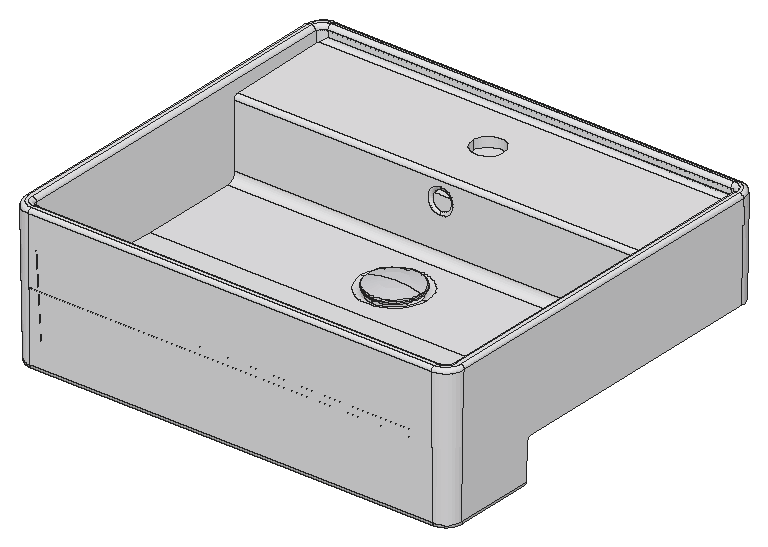
Revit family "Sink-SEMI_RECESSED-KOHLER-DELTA-K-20338T", category Plumbing Fixtures, host Face, Revit 2017
Family settings
  Host = Face
  Round Connector Dimension = Use Diameter
  Part Type = Normal
  OmniClass Number = 23.31.13.00
  OmniClass Title = Sinks
  Cut with Voids When Loaded = No
  Shared = No
  Room Calculation Point = No
Parameters (values of type "Single Faucet Hole, 0-White")
  Width = 19.29134"  # constant formula
  WaterSense Certified = 1 = 0  # no
  Waste Water Outlet = "Waste Water Outlet"  # constant formula
  Waste Connection = 1 = 1  # yes
  Vent Connection = 1 = 0  # no
  URL = "https://www.kohler.com.cn/"
  Type = 1
  Single Faucet Hole Spacing = (Type = 1)  # yes
  Product Page URL = "https://www.kohler.com.cn/product/K-20338T-1-0/K-20338T-1-0/"
  Product Name = "DELTA"  # constant formula
  Product Documentation Link = "https://files.kohler.com.cn/pdfs/1572602610075_K-20338T安装说明书-新版.pdf"
  Model = if(Type = 1, "K-20338T-1-0", if(Type = 2, "K-20338T-8-0", "NA"))  # "K-20338T-1-0"
  Material = "Vitreous_China"  # constant formula
  Master Format 2014 Name = "Residential Lavatories and Sinks"  # constant formula
  Master Format 2014 = "22 41 16"  # constant formula
  Manufacturer Address = "Kohler Beijing Office (100016) 36-2-03-B, No. 88, Liuxiang Road, Beijing"  # constant formula
  Manufacturer = "KOHLER Co."  # constant formula
  Length = 16.92913"  # constant formula
  Hot Water Inlet = "Hot Water Inlet"  # constant formula
  Height = 6.29921"  # constant formula
  HW Connection = 1 = 0  # no
  Finish = Kohler-Vitreous_China-0-White
  Faucet Hole Spacing = if(Type = 1, 0", 8")  # 0"
  Environmental Product Declaration = ""
  Drain Included = 1 = 0  # no
  Description = "Semi-recessed basin"  # constant formula
  Default Elevation = 36"
  Declare Label = ""
  Date Modified = "04/29/2021"  # constant formula
  Date Created = "04/29/2021"  # constant formula
  Copyright = "Copyright KOHLER Co."  # constant formula
  Contact Us = "http://www.kohler.com.cn/contact/contact-us/"
  Cold Water Inlet = "Cold Water Inlet"  # constant formula
  CW Connection = 1 = 0  # no
  Assembly Code = "D2010400"
  ADA Compliant = 1 = 0  # no
  8 Inch Faucet Hole Spacing = (Type = 2)  # no
Types (3): name | Type | Single Faucet Hole Spacing | Product Page URL | Model | Faucet Hole Spacing | 8 Inch Faucet Hole Spacing
  (no name) | 1 | yes | "https://www.kohler.com.cn/product/K-20338T-1-0/K-20338T-1-0/" | "K-20338T-1-0" | 0" | no
  Single Faucet Hole, 0-White | 1 | yes | "https://www.kohler.com.cn/product/K-20338T-1-0/K-20338T-1-0/" | "K-20338T-1-0" | 0" | no
  8 Inch Faucet Holes, 0-White | 2 | no | "https://www.kohler.com.cn/product/K-20338T-8-0/K-20338T-8-0/" | "K-20338T-8-0" | 8" | yes
Reference planes (in)
  plane 1 "Center (Front/Back)": y = 0
  plane 2: z = 0
  plane 3 "Center (Left/Right)": x = 0
  plane 4: z = -1.92913
  plane 5: y = 8.46457
  plane 6: y = -8.46457
  plane 7: z = 4.37008
  plane 8: z = -1.65354
  plane 9: y = 0.55118
  plane 10: y = -4.13386
  plane 11: y = 5.70866
  plane 12: y = 3.14961
  plane 13: x = 0
  plane 14: x = 0
  plane 15: x = -9.64567
  plane 16: x = 9.64567
Forms (in)
  Extrusion 1, void
    sketch origin (0, 0, 0) x (1, 0, 0) y (0, 1, 0)
      loop
        line (-7.87402, -2.48031) -> (7.87402, -2.48031) -> (7.87402, 7.67717) -> (-7.87402, 7.67717) -> (-7.87402, -2.48031)
    from -1.92913 to 0
Dimensions and locks (in)
  equal spacing: plane 13, plane 3 "Center (Left/Right)", plane 14
  "Faucet Hole Spacing": plane 13 to plane 14
  "Width": plane 15 to plane 16
  "Length": plane 6 to plane 5
  plane 11 to plane 5 = 2.75591"
  plane 9 to plane 5 = 7.91339"
  host face to plane 7 = 4.37008"
  "Height": plane 4 to plane 7
  plane 8 to plane 7 = 6.02362"
  plane 5 to plane 10 = 12.59843"
  plane 7 to plane 4 = 6.29921"
  plane 15 to plane 16 = 19.29134"
  aligned and locked: plane 2 to host face
  aligned and locked: level to host face
Automatic sketch dimensions
  host sketch curve to host sketch curve = 96"
  host sketch curve to host sketch curve = 52.13386"
  Extrusion 1 sketch curve to plane 15 = 1.77165"
  plane 5 to Extrusion 1 sketch curve = 0.7874"
  Extrusion 1 sketch curve to plane 16 = 1.77165"
  plane 10 to Extrusion 1 sketch curve = 1.65354"
Nested families (in)
  nested 1: "K-20338T" at (0, 0, 0), type "K-20338T"
Connectors (in)
  piping at (0, 0.55118, -1.65354), diameter 1.25, driven by "Waste Connection", driven by "Waste Water Outlet"
    settings: on nested 1, index 1, connector inside diameter 24", connector length 0", flow factor 0, pipe flow 0 GPM, pressure drop 0.00 psi, fitting loss kfactor 0, connector angle 0.00°, fixture units 0, engagement length 0", angle of deflection 0.00°, flow configuration 0, flow direction 2, fitting loss method 0, system type 16, joint type 0, gender type 0, connector reference index -1, connector utility 1, adjustable connector no, is connector primary yes, connector description "Waste Water Outlet"
Definition of nested family "K-20338T"
  Parameters (values of type "K-20338T")
    _8 = yes
    _1 = no
    Material = none
    Faucet Hole Spacing = if(_1, 27.55906", 8.0315")  # 8.0315"
  Reference planes (in)
    plane 1 "Center (Front/Back)": y = 0
    plane 2: z = 0
    plane 3 "Center (Left/Right)": x = 0
    plane 4: x = -9.64567
    plane 5: y = 8.46457
    plane 6: x = 9.64567
    plane 7: y = -8.46457
    plane 8: y = 3.14961
    plane 9: y = 0.55118
    plane 10: y = 5.70866
    plane 11: x = -9.05512
    plane 12: x = 9.05512
    plane 13: z = 4.37008
    plane 14: z = -1.65354
    plane 15: z = -1.92913
    plane 16: y = -4.13386
    plane 17: x = -4.01575
    plane 18: x = 4.01575
    plane 19: x = -4.01575
    plane 20: x = 4.01575
  Forms (in)
    Sweep 1, solid, material <- "Material", detail levels medium+fine
      path origin (0, 0, 0) x (1, 0, 0) y (0, 1, 0)
        loop
          arc (-8.85827, 8.46457) -> (-9.41504, 8.23394) -> (-9.64567, 7.67717) r 0.7874
          line (-9.64567, 7.67717) -> (-9.64567, -7.67717)
          arc (-9.64567, -7.67717) -> (-9.41504, -8.23394) -> (-8.85827, -8.46457) r 0.7874
          line (-8.85827, -8.46457) -> (8.85827, -8.46457)
          arc (8.85827, -8.46457) -> (9.41504, -8.23394) -> (9.64567, -7.67717) r 0.7874
          line (9.64567, -7.67717) -> (9.64567, 7.67717)
          arc (9.64567, 7.67717) -> (9.41504, 8.23394) -> (8.85827, 8.46457) r 0.7874
          line (8.85827, 8.46457) -> (-8.85827, 8.46457)
      profile origin (-9.64567, 0, 0) x (-1, 0, 0) y (0, 0, 1)
        loop
          line (-0.16511, 4.37008) -> (-0.29916, 4.37008)
          arc (-0.29916, 4.37008) -> (-0.42408, 4.31992) -> (-0.47964, 4.19731) r 0.18065
          line (-0.47964, 4.19731) -> (-0.73002, -1.53742)
          arc (-0.73002, -1.53742) -> (-0.62617, -1.81335) -> (-0.35504, -1.92913) r 0.37534
          line (-0.35504, -1.92913) -> (-0.21245, -1.92913)
          arc (-0.21245, -1.92913) -> (-0.11599, -1.88953) -> (-0.07521, -1.79356) r 0.13725
          line (-0.07521, -1.79356) -> (-0.00192, 4.20489)
          arc (-0.00192, 4.20489) -> (-0.04901, 4.32157) -> (-0.16511, 4.37008) r 0.1632
    Extrusion 2, void
      sketch origin (0, 0, 0) x (0, 1, 0) y (0, 0, 1)
        loop
          arc (-3.94041, 0) -> (-4.07839, -0.05645) -> (-4.13723, -0.19341) r 0.19685
          line (-4.13723, -0.19341) -> (-4.16415, -1.73547)
          arc (-4.16415, -1.73547) -> (-4.22307, -1.87262) -> (-4.36122, -1.92913) r 0.1971
          line (-4.36122, -1.92913) -> (-5.07304, -1.92913) -> (-5.07304, -2.51969) -> (9.29704, -2.51969) -> (9.29704, 0.82677) -> (8.46457, 0.82677) -> (8.46457, 0.12314)
          arc (8.46457, 0.12314) -> (8.4285, 0.03607) -> (8.34143, 0) r 0.12314
          line (8.34143, 0) -> (-3.94041, 0)
      from -13.00293 to 11.3424
    Extrusion 3, solid, material <- "Material", detail levels medium+fine
      sketch origin (0, 0, 0) x (0, 1, 0) y (0, 0, 1)
        loop
          line (7.78119, 3.76842) -> (3.33108, 3.69074)
          arc (3.33108, 3.69074) -> (3.19716, 3.63493) -> (3.13786, 3.50251) r 0.19685
          line (3.13786, 3.50251) -> (3.02042, 0.8129)
          arc (3.02042, 0.8129) -> (2.89935, 0.54568) -> (2.6271, 0.43637) r 0.3937
          line (2.6271, 0.43637) -> (-1.65905, 0.43637)
          arc (-1.65905, 0.43637) -> (-2.43501, 0.4521) -> (-3.20971, 0.49925) r 19.15193
          arc (-3.20971, 0.49925) -> (-5.27836, 0.68503) -> (-7.34355, 0.90601) r 121.99702
          arc (-7.34355, 0.90601) -> (-7.70796, 1.09025) -> (-7.86571, 1.46689) r 0.59055
          line (-7.86571, 1.46689) -> (-7.98555, 4.21159) -> (-8.08398, 4.21159) -> (-8.08398, 1.56492)
          arc (-8.08398, 1.56492) -> (-7.80752, 0.84031) -> (-7.11866, 0.48399) r 1.08786
          arc (-7.11866, 0.48399) -> (-5.18162, 0.27999) -> (-3.24159, 0.10684) r 122.39072
          arc (-3.24159, 0.10684) -> (-2.8506, 0.07903) -> (-2.45913, 0.05906) r 19.54563
          line (-2.45913, 0.05906) -> (2.79888, 0.05906)
          arc (2.79888, 0.05906) -> (3.24797, 0.23936) -> (3.4477, 0.68017) r 0.64944
          line (3.4477, 0.68017) -> (3.55255, 3.08173)
          arc (3.55255, 3.08173) -> (3.61186, 3.21414) -> (3.74578, 3.26996) r 0.19685
          line (3.74578, 3.26996) -> (7.12222, 3.3289)
          arc (7.12222, 3.3289) -> (7.3976, 3.22319) -> (7.52226, 2.95586) r 0.3937
          line (7.52226, 2.95586) -> (7.60854, 1.30943)
          arc (7.60854, 1.30943) -> (7.64269, 1.20708) -> (7.72456, 1.1368) r 0.20249
          arc (7.72456, 1.1368) -> (7.88374, 1.00015) -> (7.95014, 0.80115) r 0.3937
          line (7.95014, 0.80115) -> (7.97968, 0.23742)
          arc (7.97968, 0.23742) -> (8.00327, 0.17041) -> (8.05937, 0.12683) r 0.1259
          line (8.05937, 0.12683) -> (8.05937, 4.21159) -> (7.98555, 4.21159) -> (7.97442, 3.95666)
          arc (7.97442, 3.95666) -> (7.91512, 3.82424) -> (7.78119, 3.76842) r 0.19685
      from -9.46221 to 9.45907
    Revolve 4, solid, detail levels medium+fine
      sketch origin (-27.87707, 0.55118, 48.29528) x (-1, 0, 0) y (0, 0, 1)
        loop
          line (-26.6984, -47.80298) -> (-26.6984, -47.72877)
          arc (-26.6984, -47.72877) -> (-26.70439, -47.71061) -> (-26.72002, -47.69959) r 0.03049
          arc (-26.72002, -47.69959) -> (-27.2922, -47.57225) -> (-27.87707, -47.53324) r 3.85053
          line (-27.87707, -47.53324) -> (-27.87707, -48.18227) -> (-27.43653, -48.18227) -> (-27.43653, -47.93202)
          arc (-27.43653, -47.93202) -> (-27.40457, -47.85485) -> (-27.3274, -47.82289) r 0.10914
          line (-27.3274, -47.82289) -> (-26.7183, -47.82289)
          arc (-26.7183, -47.82289) -> (-26.70423, -47.81706) -> (-26.6984, -47.80298) r 0.0199
        axis (-27.87707, -48.18227) -> (-27.87707, -47.53324)
      angle from 0 to 360
    Revolve 5, solid, material <- "Material", detail levels medium+fine
      sketch origin (-27.87707, 0.55118, 48) x (-1, 0, 0) y (0, 0, 1)
        loop
          line (-26.57899, -49.541) -> (-26.51664, -48.35119)
          arc (-26.51664, -48.35119) -> (-26.39448, -48.08621) -> (-26.12348, -47.97809) r 0.3937
          line (-26.12348, -47.97809) -> (-25.90857, -47.97809) -> (-25.90857, -47.87729) -> (-27.87707, -47.87729) -> (-27.87707, -49.65354) -> (-26.69759, -49.65354)
          arc (-26.69759, -49.65354) -> (-26.61584, -49.62093) -> (-26.57899, -49.541) r 0.11876
        axis (-27.87707, -49.65354) -> (-27.87707, -47.87729)
      angle from 0 to 360
    Revolve 6, void
      sketch origin (-27.87707, 0.55118, 48) x (-1, 0, 0) y (0, 0, 1)
        loop
          line (-27.87707, -50.19484) -> (-27.05378, -50.19484) -> (-26.81428, -47.91617)
          arc (-26.81428, -47.91617) -> (-26.68617, -47.66475) -> (-26.42274, -47.56363) r 0.3937
          line (-26.42274, -47.56363) -> (-26.10542, -47.56363) -> (-26.10542, -47.10884) -> (-27.87707, -47.10884) -> (-27.87707, -50.19484)
        axis (-27.87707, -50.19484) -> (-27.87707, -47.10884)
      angle from 0 to 360
    Sweep 7, solid, material <- "Material", detail levels medium+fine
      path origin (0, 0, 0) x (0, 1, 0) y (0, 0, 1)
        loop
          line (0.55118, -0.7413) -> (2.7598, -0.7413)
          arc (2.7598, -0.7413) -> (3.49579, -0.44581) -> (3.82311, 0.27659) r 1.06432
          line (3.82311, 0.27659) -> (3.9378, 2.90359)
      profile origin (0, 0.55118, -0.7413) x (0, 0, 1) y (1, 0, 0)
        loop
          line (0.00897, -1.34406) -> (0.74099, -1.38243) -> (0.74099, 1.38243) -> (0.01817, 1.34454)
          arc (0.01817, 1.34454) -> (-0.31267, 1.19203) -> (-0.44766, 0.85367) r 0.49155
          line (-0.44766, 0.85367) -> (-0.44766, -0.86288)
          arc (-0.44766, -0.86288) -> (-0.31533, -1.19456) -> (0.00897, -1.34406) r 0.48184
    Extrusion 8, solid, material <- "Material", detail levels medium+fine
      sketch origin (0, 0, 0) x (0, 1, 0) y (0, 0, 1)
        loop
          line (-4.28155, -1.69499) -> (-4.25497, -0.17248)
          arc (-4.25497, -0.17248) -> (-4.14247, 0.07453) -> (-3.88514, 0.16083) r 0.34052
          arc (-3.88514, 0.16083) -> (-3.55543, 0.13275) -> (-3.22565, 0.10555) r 122.39072
          line (-3.22565, 0.10555) -> (-3.22565, 0.22923)
          arc (-3.22565, 0.22923) -> (-5.64812, 0.45031) -> (-8.0657, 0.71956) r 122.19387
          line (-8.0657, 0.71956) -> (-8.03493, -1.79921) -> (-4.3876, -1.79921)
          arc (-4.3876, -1.79921) -> (-4.31326, -1.7688) -> (-4.28155, -1.69499) r 0.10607
        loop
          line (-4.96966, -1.44632) -> (-4.86099, 0.33036) -> (-7.86034, 0.5401) -> (-7.86034, -1.44632) -> (-4.96966, -1.44632)
      from -9.29134 to 9.29134
    Extrusion 9, void
      sketch origin (0, 0, 0) x (1, 0, 0) y (0, 1, 0)
        loop
          circle (0, 5.70866) r 0.68898
      from 3.33641 to 5.57076
    Revolve 10, void
      sketch origin (0, 0, 0) x (0, 1, 0) y (0, 0, 1)
        loop
          line (3.64848, 3.14205) -> (3.25539, 3.14205)
          arc (3.25539, 3.14205) -> (3.16323, 3.1814) -> (3.12793, 3.27519) r 0.12758
          line (3.12793, 3.27519) -> (3.13289, 3.38885) -> (2.78631, 3.38885) -> (2.75805, 2.74152) -> (3.62933, 2.70348) -> (3.64848, 3.14205)
        axis (3.62933, 2.70348) -> (2.75805, 2.74152)
      angle from 0 to 360
    Extrusion 11, void
      sketch origin (0, 0, 0) x (1, 0, 0) y (0, 1, 0)
        loop
          circle (-4.01575, 5.70866) r 0.68898
        loop
          circle (4.01575, 5.70866) r 0.68898
      from 3.33641 to 6.18834
    Extrusion 12, solid, material <- "Material", detail levels coarse
      sketch origin (0, 0, 0) x (1, 0, 0) y (0, 1, 0)
        loop
          line (-9.64567, 8.46457) -> (-9.64567, -8.46457) -> (9.64567, -8.46457) -> (9.64567, 8.46457) -> (-9.64567, 8.46457)
      from -1.92913 to 4.37008
    Extrusion 13, void
      sketch origin (0, 0, 0) x (1, 0, 0) y (0, 1, 0)
        loop
          line (-9.05512, 3.14961) -> (-9.05512, -7.87753) -> (9.05512, -7.87753) -> (9.05512, 3.14961) -> (-9.05512, 3.14961)
      from 0.43637 to 7.92065
    Extrusion 14, void
      sketch origin (0, 0, 0) x (0, 1, 0) y (0, 0, 1)
        loop
          line (9.05512, 0) -> (-4.13386, 0) -> (-4.13386, -2.24554) -> (9.05512, -2.24554) -> (9.05512, 0)
      from -10.67867 to 10.71147
    Extrusion 15, solid, material <- "Material", detail levels coarse
      sketch origin (0, 0, 0) x (1, 0, 0) y (0, 1, 0)
        loop
          circle (0, 0.55118) r 1.68071
      from -1.65354 to 0
  Cuts and joins
    Extrusion 2 cuts Sweep 1
    Revolve 6, Extrusion 9, Revolve 10, Extrusion 11 cuts Extrusion 3
    Revolve 6 cuts Revolve 5
    joined: Extrusion 3, Revolve 5
    Extrusion 9, Extrusion 11, Extrusion 13, Extrusion 14 cuts Extrusion 12
    Extrusion 11 cuts Extrusion 15
    joined: Extrusion 12, Extrusion 15
  Lines and regions (in)
    Masking region 1
      outline origin (0, 0, 0) x (1, 0, 0) y (0, 1, 0)
        loop
          arc (-9.33071, 8.46457) -> (-9.55342, 8.37232) -> (-9.64567, 8.14961) r 0.31496
          line (-9.64567, 8.14961) -> (-9.64567, -8.14961)
          arc (-9.64567, -8.14961) -> (-9.55342, -8.37232) -> (-9.33071, -8.46457) r 0.31496
          line (-9.33071, -8.46457) -> (9.33071, -8.46457)
          arc (9.33071, -8.46457) -> (9.55342, -8.37232) -> (9.64567, -8.14961) r 0.31496
          line (9.64567, -8.14961) -> (9.64567, 8.14961)
          arc (9.64567, 8.14961) -> (9.55342, 8.37232) -> (9.33071, 8.46457) r 0.31496
          line (9.33071, 8.46457) -> (-9.33071, 8.46457)
    Masking region 2
      outline origin (-27.87707, 0.55118, 48) x (-1, 0, 0) y (0, 0, 1)
        loop
          line (-18.30659, -49.79173) -> (-18.23327, -43.79049)
          arc (-18.23327, -43.79049) -> (-18.27904, -43.67707) -> (-18.39189, -43.62992) r 0.15863
          line (-18.39189, -43.62992) -> (-37.36226, -43.62992)
          arc (-37.36226, -43.62992) -> (-37.47511, -43.67707) -> (-37.52088, -43.79049) r 0.15863
          line (-37.52088, -43.79049) -> (-37.44756, -49.79173)
          arc (-37.44756, -49.79173) -> (-37.40622, -49.88899) -> (-37.30846, -49.92913) r 0.1391
          line (-37.30846, -49.92913) -> (-18.44569, -49.92913)
          arc (-18.44569, -49.92913) -> (-18.34793, -49.88899) -> (-18.30659, -49.79173) r 0.1391
    Masking region 3
      outline origin (0, 0, 0) x (0, 1, 0) y (0, 0, 1)
        loop
          arc (8.46457, 4.17323) -> (8.40691, 4.31242) -> (8.26772, 4.37008) r 0.19685
          line (8.26772, 4.37008) -> (-8.28165, 4.37008)
          arc (-8.28165, 4.37008) -> (-8.41027, 4.31634) -> (-8.46243, 4.18707) r 0.1808
          line (-8.46243, 4.18707) -> (-8.38957, -1.77622)
          arc (-8.38957, -1.77622) -> (-8.34357, -1.88446) -> (-8.23477, -1.92913) r 0.15481
          line (-8.23477, -1.92913) -> (-4.42842, -1.92913)
          arc (-4.42842, -1.92913) -> (-4.24234, -1.85301) -> (-4.16298, -1.66828) r 0.26549
          line (-4.16298, -1.66828) -> (-4.13723, -0.19341)
          arc (-4.13723, -0.19341) -> (-4.07839, -0.05645) -> (-3.94041, 0) r 0.19685
          line (-3.94041, 0) -> (-1.19474, 0)
          arc (-1.19474, 0) -> (-0.92373, -0.10812) -> (-0.80158, -0.3731) r 0.3937
          line (-0.80158, -0.3731) -> (-0.74072, -1.53434)
          arc (-0.74072, -1.53434) -> (-0.70169, -1.619) -> (-0.61511, -1.65354) r 0.12579
          line (-0.61511, -1.65354) -> (1.71747, -1.65354)
          arc (1.71747, -1.65354) -> (1.80405, -1.619) -> (1.84308, -1.53434) r 0.12579
          line (1.84308, -1.53434) -> (1.85449, -1.3166)
          arc (1.85449, -1.3166) -> (1.88818, -1.24352) -> (1.96293, -1.21371) r 0.10858
          line (1.96293, -1.21371) -> (2.80003, -1.21376)
          arc (2.80003, -1.21376) -> (3.7536, -0.87117) -> (4.27101, 0) r 1.49812
          line (4.27101, 0) -> (8.34437, 0)
          arc (8.34437, 0) -> (8.42936, 0.03521) -> (8.46457, 0.1202) r 0.1202
          line (8.46457, 0.1202) -> (8.46457, 4.17323)
    symbolic lines, detail levels medium+fine
      curve 1: line (-9.02786, 8.14287, 0) -> (9.03759, 8.14287, 0)
      curve 2: line (-9.32397, -7.91551, 0) -> (-9.32397, 7.84675, 0)
      curve 3: line (8.7467, 7.7812, 0) -> (-8.78232, 7.7812, 0)
      curve 4: line (-9.05512, 2.95276, 0) -> (-9.05512, 7.5084, 0)
      curve 5: line (9.32397, 7.85648, 0) -> (9.32397, -7.94602, 0)
      curve 6: line (9.05512, 7.47278, 0) -> (9.05512, 2.95276, 0)
      curve 7: line (9.05512, 3.33108, 0) -> (-9.05512, 3.33108, 0)
      curve 16: line (-9.48625, 8.11024, 0) -> (-9.48625, -8.1083, 0)
      curve 17: line (-9.2894, -8.30515, 0) -> (9.33442, -8.30515, 0)
      curve 18: line (9.48625, -8.15332, 0) -> (9.48625, 8.11024, 0)
      curve 19: arc (9.33442, -8.30515, 0) -> (9.44178, -8.26068, 0) -> (9.48625, -8.15332, 0) r 0.15183
      curve 20: arc (-9.48625, -8.1083, 0) -> (-9.4286, -8.24749, 0) -> (-9.2894, -8.30515, 0) r 0.19685
      curve 21: line (9.2894, 8.30709, 0) -> (-9.2894, 8.30709, 0)
      curve 22: arc (-9.2894, 8.30709, 0) -> (-9.4286, 8.24943, 0) -> (-9.48625, 8.11024, 0) r 0.19685
      curve 23: arc (9.2894, 8.30709, 0) -> (9.4286, 8.24943, 0) -> (9.48625, 8.11024, 0) r 0.19685
      curve 26: circle (0, 0.55118, 0) r 1.68071 normal (0, 0, 1)
      curve 27: arc (-9.32397, 7.84675, 0) -> (-9.23724, 8.05614, 0) -> (-9.02786, 8.14287, 0) r 0.29612
      curve 28: arc (-8.78232, 7.7812, 0) -> (-8.97522, 7.7013, 0) -> (-9.05512, 7.5084, 0) r 0.2728
      curve 29: arc (9.03759, 8.14287, 0) -> (9.24009, 8.05899, 0) -> (9.32397, 7.85648, 0) r 0.28639
      curve 30: arc (9.05512, 7.47278, 0) -> (8.96478, 7.69087, 0) -> (8.7467, 7.7812, 0) r 0.30842
      curve 31: line (9.12712, -8.14287, 0) -> (-9.09661, -8.14287, 0)
      curve 32: arc (-9.32397, -7.91551, 0) -> (-9.25738, -8.07628, 0) -> (-9.09661, -8.14287, 0) r 0.22736
      curve 33: arc (9.32397, -7.94602, 0) -> (9.26632, -8.08521, 0) -> (9.12712, -8.14287, 0) r 0.19685
      curve 36: line (-9.32876, 0.55118, 4.37008) -> (-9.16875, 0.55118, -1.92913)
      curve 37: line (-9.6438, 0.55118, 4.20951) -> (9.6438, 0.55118, 4.20951)
      curve 38: line (-9.57048, 0.55118, -1.79173) -> (9.57048, 0.55118, -1.79173)
      curve 39: line (9.32876, 0.55118, 4.37008) -> (9.16875, 0.55118, -1.92913)
      curve 40: line (0, 8.14961, 0) -> (0, 8.14961, 4.37008)
      curve 41: line (0, -3.94561, 0.11667) -> (0, 8.45596, 0.11667)
      curve 42: line (0, -4.25523, -0.1876) -> (0, -4.28116, -1.67271)
      curve 43: line (0, -4.41136, -1.80066) -> (0, -8.34837, -1.80066)
      curve 44: arc (0, -4.25523, -0.1876) -> (0, -4.16266, 0.02787) -> (0, -3.94561, 0.11667) r 0.30967
      curve 45: line (0, -8.07276, -1.92913) -> (0, -8.14768, 4.37008)
      curve 46: line (0, 8.46233, 4.2028) -> (0, -8.46193, 4.2028)
      curve 47: line (0, 2.80007, -0.74132) -> (0, 1.6855, -0.74125)
      curve 48: arc (0, 3.7856, 0) -> (0, 3.41669, -0.53532) -> (0, 2.80007, -0.74132) r 1.02567
      curve 49: line (0, 1.6855, -0.74125) -> (0, 1.6855, -1.18543)
      curve 50: line (0, 2.80007, -0.74132) -> (0, 2.80007, -1.21376)
      curve 51: line (0, -0.80107, -0.38281) -> (0, 1.56113, -0.38281)
      curve 52: arc (0, 1.56113, -0.38281) -> (0, 2.22156, -0.36378) -> (0, 2.87979, -0.30677) r 11.47189
      curve 53: arc (0, 2.87979, -0.30677) -> (0, 3.22605, -0.20694) -> (0, 3.52108, 0) r 1.09374
      curve 54: line (0, 4.27101, 0) -> (0, -1.2408, 0)
      curve 55: arc (0, 1.96293, -1.21371) -> (0, 1.25508, -1.2131) -> (0, 0.55118, -1.28769) r 6.65309
      curve 56: arc (0, 1.6855, -0.74125) -> (0, 1.05595, -0.88496) -> (0, 0.55118, -1.28769) r 1.45034
      curve 57: line (0, 0.55118, -1.28769) -> (0, 0.55118, -0.38281)
      curve 58: line (0, 1.84308, -1.53434) -> (0, -0.74072, -1.53434)
      curve 59: arc (0, -4.28116, -1.67271) -> (0, -4.32009, -1.76331) -> (0, -4.41136, -1.80066) r 0.13022
    symbolic lines
      curve 8: line (-9.05512, 2.95276, 0) -> (-9.05512, -7.3667, 0)
      curve 9: line (-8.85827, 3.14961, 0) -> (8.85827, 3.14961, 0)
      curve 10: arc (-8.85827, 3.14961, 0) -> (-8.99746, 3.09195, 0) -> (-9.05512, 2.95276, 0) r 0.19685
      curve 11: line (9.05512, 2.95276, 0) -> (9.05512, -7.40444, 0)
      curve 12: arc (8.85827, 3.14961, 0) -> (8.99746, 3.09195, 0) -> (9.05512, 2.95276, 0) r 0.19685
      curve 13: line (8.58555, -7.87402, 0) -> (-8.5478, -7.87402, 0)
      curve 14: arc (-9.05512, -7.3667, 0) -> (-8.90653, -7.72543, 0) -> (-8.5478, -7.87402, 0) r 0.50732
      curve 15: arc (9.05512, -7.40444, 0) -> (8.91758, -7.73648, 0) -> (8.58555, -7.87402, 0) r 0.46957
      curve 24: circle (0, 5.70866, 0) r 0.68898 normal (0, 0, 1)
      curve 25: circle (0, 0.55118, 0) r 1.1811 normal (0, 0, 1)
    symbolic lines, visible <- "_8"
      curve 34: circle (4.01575, 5.70866, 0) r 0.68898 normal (0, 0, 1)
      curve 35: circle (-4.01575, 5.70866, 0) r 0.68898 normal (0, 0, -1)
  Dimensions and locks (in)
    plane 5 to plane 9 = 7.91339"
    plane 5 to plane 10 = 2.75591"
    plane 8 to plane 7 = 11.61417"
    plane 4 to plane 6 = 19.29134"
    plane 11 to plane 12 = 18.11024"
    equal spacing: plane 17, plane 3 "Center (Left/Right)", plane 18
    "Faucet Hole Spacing": plane 17 to plane 18
    plane 19 to plane 20 = 8.0315"
    plane 5 to plane 7 = 16.92913"
    aligned and locked: plane 2 to level
    aligned and locked: plane 17 to Extrusion 11 sketch curve
    aligned and locked: plane 18 to Extrusion 11 sketch curve
  Automatic sketch dimensions
    Sweep 1 sketch curve to plane 4 = 0"
    plane 7 to Sweep 1 sketch curve = 0"
    Sweep 1 sketch curve to plane 5 = 0"
    Sweep 1 sketch curve to plane 6 = 0"
    plane 11 to Sweep 1 sketch curve = 0.19685"  (x2)
    plane 12 to Sweep 1 sketch curve = 0.19685"  (x2)
    profile plane to Sweep 1 sketch curve = 0.73002"
    profile plane to Sweep 1 sketch curve = 0.47964"
    profile plane to Sweep 1 sketch curve = 0.35504"
    Sweep 1 sketch curve to Sweep 1 sketch curve = 0.18048"
    Sweep 1 sketch curve to Sweep 1 sketch curve = 0.14259"
    Sweep 1 sketch curve to Sweep 1 sketch curve = 0.13406"
    profile plane to Sweep 1 sketch curve = 0.07521"
    profile plane to Sweep 1 sketch curve = 0.00192"
    Sweep 1 sketch curve to level = 1.92913"
    Sweep 1 sketch curve to Sweep 1 sketch curve = 0.13557"
    Sweep 1 sketch curve to Sweep 1 sketch curve = 0.23809"
    level to Sweep 1 sketch curve = 4.18943"
    Sweep 1 sketch curve to Sweep 1 sketch curve = 0.00788"
    Sweep 1 sketch curve to Sweep 1 sketch curve = 0.16519"
    Extrusion 2 sketch curve to plane 15 = 0"
    Extrusion 2 sketch curve to level = 0"
    Extrusion 2 sketch curve to plane 5 = 0"
    Extrusion 2 sketch curve to plane 5 = 0.12314"
    Extrusion 2 sketch curve to plane 16 = 0.19344"
    plane 16 to Extrusion 2 sketch curve = 0.00338"
    plane 16 to Extrusion 2 sketch curve = 0.03029"
    plane 16 to Extrusion 2 sketch curve = 0.22736"
    Extrusion 2 sketch curve to Extrusion 2 sketch curve = 0.71181"
    Extrusion 2 sketch curve to Extrusion 2 sketch curve = 0.83248"
    Extrusion 2 sketch curve to plane 15 = 0.59055"
    Extrusion 2 sketch curve to plane 14 = 0.08193"
    Extrusion 2 sketch curve to level = 0.19685"
    level to Extrusion 2 sketch curve = 0.82677"
    Extrusion 3 sketch curve to Extrusion 3 sketch curve = 0"  (x6)
    Extrusion 3 sketch curve to plane 7 = 0.38059"
    Extrusion 3 sketch curve to Extrusion 3 sketch curve = 0.09843"
    Extrusion 3 sketch curve to Extrusion 3 sketch curve = 0.21826"
    Extrusion 3 sketch curve to Extrusion 3 sketch curve = 0.58999"
    Extrusion 3 sketch curve to Extrusion 3 sketch curve = 0.27961"
    level to Extrusion 3 sketch curve = 0.05906"
    Extrusion 3 sketch curve to plane 16 = 1.67473"
    level to Extrusion 3 sketch curve = 0.43637"
    Extrusion 3 sketch curve to Extrusion 3 sketch curve = 0.80008"
    Extrusion 3 sketch curve to plane 8 = 0.52251"
    Extrusion 3 sketch curve to plane 8 = 0.35073"
    Extrusion 3 sketch curve to plane 8 = 0.12918"
    Extrusion 3 sketch curve to plane 8 = 0.01175"
    plane 8 to Extrusion 3 sketch curve = 0.18148"
    plane 8 to Extrusion 3 sketch curve = 0.18491"
    plane 8 to Extrusion 3 sketch curve = 0.29809"
    plane 8 to Extrusion 3 sketch curve = 0.40295"
    Extrusion 3 sketch curve to Extrusion 3 sketch curve = 0.19323"
    Extrusion 3 sketch curve to Extrusion 3 sketch curve = 0.00344"  (x2)
    plane 10 to Extrusion 3 sketch curve = 0.9593"
    Extrusion 3 sketch curve to plane 5 = 1.34234"
    Extrusion 3 sketch curve to Extrusion 3 sketch curve = 0.00687"
    Extrusion 3 sketch curve to Extrusion 3 sketch curve = 0.39316"  (x2)
    Extrusion 3 sketch curve to plane 5 = 0.90759"
    Extrusion 3 sketch curve to Extrusion 3 sketch curve = 0.05156"
    Extrusion 3 sketch curve to plane 5 = 0.68681"
    Extrusion 3 sketch curve to Extrusion 3 sketch curve = 0.20221"
    Extrusion 3 sketch curve to Extrusion 3 sketch curve = 0.19666"
    level to Extrusion 3 sketch curve = 0.23742"
    Extrusion 3 sketch curve to plane 5 = 0.48488"
    Extrusion 3 sketch curve to Extrusion 3 sketch curve = 0.01113"
    Extrusion 3 sketch curve to Extrusion 3 sketch curve = 0.07382"
    Extrusion 3 sketch curve to Extrusion 3 sketch curve = 0.12572"
    level to Extrusion 3 sketch curve = 0.12683"
    level to Extrusion 3 sketch curve = 0.68017"
    Extrusion 3 sketch curve to Extrusion 3 sketch curve = 0.54312"
    Extrusion 3 sketch curve to Extrusion 3 sketch curve = 0.0206"  (x2)
    Extrusion 3 sketch curve to Extrusion 3 sketch curve = 0.10441"
    Extrusion 3 sketch curve to Extrusion 3 sketch curve = 0.52888"
    Extrusion 3 sketch curve to Extrusion 3 sketch curve = 0.0106"
    level to Extrusion 3 sketch curve = 1.46689"
    Extrusion 3 sketch curve to Extrusion 3 sketch curve = 0.02576"
    Extrusion 3 sketch curve to Extrusion 3 sketch curve = 0.07227"
    Extrusion 3 sketch curve to plane 13 = 1.43482"
    Extrusion 3 sketch curve to plane 13 = 1.29694"
    Extrusion 3 sketch curve to Extrusion 3 sketch curve = 0.00859"  (x2)
    Extrusion 3 sketch curve to Extrusion 3 sketch curve = 0.4122"
    Extrusion 3 sketch curve to plane 13 = 0.60166"
    Extrusion 3 sketch curve to Extrusion 3 sketch curve = 0.18823"
    Extrusion 3 sketch curve to plane 13 = 0.15849"  (x2)
    plane 13 to Extrusion 3 sketch curve = 15.21823"
    Extrusion 3 sketch curve to Extrusion 3 sketch curve = 102.50743"
    Revolve 4 sketch curve to plane 3 "Center (Left/Right)" = 0"  (x2)
    Revolve 4 sketch curve to plane 3 "Center (Left/Right)" = 0.03691"
    Revolve 4 sketch curve to plane 3 "Center (Left/Right)" = 0.44054"
    Revolve 4 sketch curve to Revolve 4 sketch curve = 0.10914"
    Revolve 4 sketch curve to Revolve 4 sketch curve = 0.59851"
    Revolve 4 sketch curve to Revolve 4 sketch curve = 0.01059"
    Revolve 4 sketch curve to Revolve 4 sketch curve = 0.03049"
    Revolve 4 sketch curve to plane 15 = 1.15919"
    level to Revolve 4 sketch curve = 0.11301"
    Revolve 4 sketch curve to Revolve 4 sketch curve = 0.25025"
    Revolve 4 sketch curve to Revolve 4 sketch curve = 19/256"
    Revolve 4 sketch curve to Revolve 4 sketch curve = 0.39878"
    Revolve 4 sketch curve to Revolve 4 sketch curve = 0"
    Revolve 4 sketch curve to Revolve 4 sketch curve = 0.11184"
    Revolve 5 sketch curve to plane 3 "Center (Left/Right)" = 0"  (x2)
    Revolve 5 sketch curve to plane 14 = 0"  (x2)
    plane 14 to Revolve 5 sketch curve = 0.11876"
    Revolve 5 sketch curve to plane 3 "Center (Left/Right)" = 1.17948"
    plane 14 to Revolve 5 sketch curve = 0.11255"
    Revolve 5 sketch curve to level = 0.35119"
    Revolve 5 sketch curve to Revolve 5 sketch curve = 0.06236"
    level to Revolve 5 sketch curve = 0.02191"
    Revolve 5 sketch curve to Revolve 5 sketch curve = 0.39316"
    Revolve 5 sketch curve to Revolve 5 sketch curve = 0.21491"
    Revolve 5 sketch curve to Revolve 5 sketch curve = 0.10081"
    plane 14 to Revolve 5 sketch curve = 0.51712"
    Revolve 6 sketch curve to plane 3 "Center (Left/Right)" = 0"  (x2)
    Revolve 6 sketch curve to plane 15 = 0.2657"
    Revolve 6 sketch curve to plane 3 "Center (Left/Right)" = 0.8233"
    level to Revolve 6 sketch curve = 0.08383"
    Revolve 6 sketch curve to plane 3 "Center (Left/Right)" = 1.06279"
    level to Revolve 6 sketch curve = 0.43637"
    Revolve 6 sketch curve to Revolve 6 sketch curve = 0.39154"
    Revolve 6 sketch curve to Revolve 6 sketch curve = 0.31732"
    level to Revolve 6 sketch curve = 0.89116"
    Revolve 6 sketch curve to Revolve 6 sketch curve = 0"
    plane 14 to Revolve 6 sketch curve = 0.63981"
    Sweep 7 sketch curve to plane 9 = 0"
    Sweep 7 sketch curve to plane 8 = 0.3898"
    level to Sweep 7 sketch curve = 0.27659"
    plane 8 to Sweep 7 sketch curve = 0.6735"
    Sweep 7 sketch curve to level = 0.7413"
    plane 8 to Sweep 7 sketch curve = 0.7882"
    Sweep 7 sketch curve to plane 13 = 1.46649"
    profile plane to Sweep 7 sketch curve = 0.44766"
    Sweep 7 sketch curve to profile plane = 0.00897"
    Sweep 7 sketch curve to profile plane = 0.01817"
    Sweep 7 sketch curve to profile plane = 0.03419"
    Sweep 7 sketch curve to profile plane = 0.04389"
    Sweep 7 sketch curve to Sweep 7 sketch curve = 0.73202"
    Sweep 7 sketch curve to plane 3 "Center (Left/Right)" = 1.38243"
    Sweep 7 sketch curve to Sweep 7 sketch curve = 0.03836"
    plane 3 "Center (Left/Right)" to Sweep 7 sketch curve = 0.85367"
    Sweep 7 sketch curve to Sweep 7 sketch curve = 0.03788"
    Extrusion 8 sketch curve to plane 7 = 0.39886"
    plane 15 to Extrusion 8 sketch curve = 0.12992"
    Extrusion 8 sketch curve to plane 7 = 0.42964"
    Extrusion 8 sketch curve to Extrusion 8 sketch curve = 0.20537"
    plane 14 to Extrusion 8 sketch curve = 0.20722"
    plane 16 to Extrusion 8 sketch curve = 0.8358"
    level to Extrusion 8 sketch curve = 0.33036"
    plane 16 to Extrusion 8 sketch curve = 0.72714"
    plane 16 to Extrusion 8 sketch curve = 0.25374"
    Extrusion 8 sketch curve to plane 14 = 0.04145"
    Extrusion 8 sketch curve to Extrusion 8 sketch curve = 0.10605"
    plane 16 to Extrusion 8 sketch curve = 31/256"
    Extrusion 8 sketch curve to plane 16 = 0.21936"
    level to Extrusion 8 sketch curve = 0.22923"
    Extrusion 8 sketch curve to Extrusion 8 sketch curve = 0.68885"
    plane 10 to Extrusion 8 sketch curve = 0.9593"
    Extrusion 8 sketch curve to Extrusion 8 sketch curve = 0"
    Extrusion 8 sketch curve to level = 0.17842"
    Extrusion 8 sketch curve to level = 0.17248"
    level to Extrusion 8 sketch curve = 0.10555"
    level to Extrusion 8 sketch curve = 0.5401"
    Extrusion 8 sketch curve to Extrusion 8 sketch curve = 0.17947"
    Extrusion 8 sketch curve to Extrusion 8 sketch curve = 0.07382"
    Extrusion 9 sketch curve to plane 3 "Center (Left/Right)" = 0"
    Extrusion 9 sketch curve to plane 10 = 0"
    Revolve 10 sketch curve to plane 8 = 0.39156"
    Revolve 10 sketch curve to plane 8 = 93/256"
    Revolve 10 sketch curve to plane 8 = 0.02168"
    Revolve 10 sketch curve to plane 8 = 0.01671"
    plane 8 to Revolve 10 sketch curve = 0.10578"
    plane 8 to Revolve 10 sketch curve = 0.47973"
    Revolve 10 sketch curve to Revolve 10 sketch curve = 0.39309"
    Revolve 10 sketch curve to plane 13 = 1.6666"
    Revolve 10 sketch curve to Revolve 10 sketch curve = 0.03804"
    Revolve 10 sketch curve to Revolve 10 sketch curve = 0.12758"
    Revolve 10 sketch curve to Revolve 10 sketch curve = 0"  (x2)
    Revolve 10 sketch curve to Revolve 10 sketch curve = 0.17192"
    Revolve 10 sketch curve to Revolve 10 sketch curve = 0.00751"
    Masking region 1 sketch curve to plane 4 = 0"
    Masking region 1 sketch curve to plane 5 = 0"
    plane 7 to Masking region 1 sketch curve = 0"
    Masking region 1 sketch curve to plane 6 = 0"
    Masking region 1 sketch curve to plane 11 = 0.27559"  (x2)
    Masking region 1 sketch curve to plane 12 = 0.27559"  (x2)
    curve 25 to curve 26 = 0"  (x2)
    curve 8 to plane 11 = 0"
    curve 9 to plane 8 = 0"
    curve 35 to plane 10 = 0"
    curve 35 to plane 19 = 0"
    curve 26 to plane 3 "Center (Left/Right)" = 0"
    curve 24 to plane 3 "Center (Left/Right)" = 0"
    curve 34 to plane 10 = 0"
    curve 34 to plane 20 = 0"
    curve 30 to plane 12 = 0"
    curve 25 to plane 9 = 0"
    curve 24 to plane 10 = 0"
    curve 31 to plane 11 = 0.04149"
    curve 17 to plane 11 = 0.23428"
    curve 22 to plane 11 = 0.23428"
    curve 21 to curve 22 = 0"
    curve 2 to curve 20 = 0.03457"
    plane 4 to curve 16 = 0.15942"  (x2)
    plane 11 to curve 1 = 0.02726"
    plane 11 to curve 9 = 0.19685"
    curve 27 to curve 3 = 0.24554"
    plane 11 to curve 28 = 0.2728"
    plane 11 to curve 13 = 0.50732"
    curve 15 to curve 15 = 0.46957"
    plane 12 to curve 3 = 0.30842"
    plane 12 to curve 30 = 0.30842"
    plane 12 to curve 9 = 0.19685"
    plane 12 to curve 29 = 0.01753"
    curve 31 to plane 12 = 0.072"
    curve 21 to plane 12 = 0.23429"
    curve 23 to curve 21 = 0"
    curve 33 to curve 5 = 0.19685"
    curve 31 to curve 17 = 0.2073"
    curve 19 to curve 18 = 0.15183"
    plane 6 to curve 18 = 0.15942"
    curve 8 to plane 7 = 1.09787"
    curve 2 to plane 7 = 0.54906"
    curve 16 to curve 32 = 0.19279"
    curve 32 to curve 20 = 0.03457"
    curve 19 to curve 18 = 0"
    curve 30 to plane 5 = 0.99179"
    curve 28 to plane 5 = 0.95617"
    curve 3 to curve 27 = 0.06556"
    curve 27 to curve 16 = 0.26348"
    curve 16 to curve 22 = 0"
    curve 29 to curve 18 = 0.25375"
    curve 23 to curve 18 = 0"
    plane 8 to curve 7 = 0.18148"
    Masking region 2 sketch curve to plane 13 = 0"
    Masking region 2 sketch curve to plane 15 = 0"
    plane 6 to Masking region 2 sketch curve = 0.00187"
    plane 6 to Masking region 2 sketch curve = 0.07519"
    Masking region 2 sketch curve to Masking region 2 sketch curve = 0.15861"
    Masking region 2 sketch curve to plane 14 = 0.13649"
    Masking region 2 sketch curve to Masking region 2 sketch curve = 0.13909"
    plane 4 to Masking region 2 sketch curve = 0.21428"
    plane 4 to Masking region 2 sketch curve = 0.16048"
    plane 4 to Masking region 2 sketch curve = 0.07519"
    plane 4 to Masking region 2 sketch curve = 0.00187"
    Masking region 2 sketch curve to plane 14 = 0.13819"
    Masking region 2 sketch curve to plane 13 = 0.16056"  (x2)
    curve 39 to plane 13 = 0"
    curve 39 to plane 15 = 0"
    curve 36 to plane 15 = 0"
    curve 36 to plane 13 = 0"
    plane 6 to curve 37 = 0.00187"
    plane 6 to curve 38 = 0.07519"
    curve 39 to plane 12 = 0.27364"
    curve 39 to plane 12 = 0.11364"
    curve 36 to plane 11 = 0.11364"
    curve 36 to plane 11 = 0.27364"
    plane 4 to curve 38 = 0.07519"
    plane 4 to curve 37 = 0.00187"
    plane 15 to curve 38 = 0.1374"
    curve 37 to plane 13 = 0.16056"
    Masking region 3 sketch curve to plane 13 = 0"
    Masking region 3 sketch curve to plane 15 = 0"
    Masking region 3 sketch curve to level = 0"  (x2)
    Masking region 3 sketch curve to plane 14 = 0"
    Masking region 3 sketch curve to plane 5 = 0"
    Masking region 3 sketch curve to Masking region 3 sketch curve = 0.1202"
    Masking region 3 sketch curve to plane 5 = 0.19685"
    Masking region 3 sketch curve to plane 8 = 0.34947"
    Masking region 3 sketch curve to plane 8 = 0.34957"
    plane 14 to Masking region 3 sketch curve = 0.43984"
    Masking region 3 sketch curve to Masking region 3 sketch curve = 0.83711"
    Masking region 3 sketch curve to Masking region 3 sketch curve = 0"
    plane 14 to Masking region 3 sketch curve = 0.33694"
    Masking region 3 sketch curve to Masking region 3 sketch curve = 0.10843"
    plane 14 to Masking region 3 sketch curve = 0.1192"  (x2)
    Masking region 3 sketch curve to Masking region 3 sketch curve = 0.01141"
    plane 14 to Masking region 3 sketch curve = 0.12579"
    plane 1 "Center (Front/Back)" to Masking region 3 sketch curve = 0.61511"
    Masking region 3 sketch curve to Masking region 3 sketch curve = 0.12562"
    Masking region 3 sketch curve to level = 0.3731"
    plane 1 "Center (Front/Back)" to Masking region 3 sketch curve = 0.80158"
    Masking region 3 sketch curve to Masking region 3 sketch curve = 0.39316"
    Masking region 3 sketch curve to plane 16 = 0.19344"
    plane 16 to Masking region 3 sketch curve = 0.00338"
    Masking region 3 sketch curve to plane 14 = 0.01474"
    plane 16 to Masking region 3 sketch curve = 0.02912"
    Masking region 3 sketch curve to plane 14 = 0.01011"
    Masking region 3 sketch curve to plane 7 = 0.22979"
    Masking region 3 sketch curve to plane 7 = 0.18292"
    Masking region 3 sketch curve to plane 7 = 0.075"
    Masking region 3 sketch curve to plane 7 = 0.00214"
    Masking region 3 sketch curve to plane 14 = 0.12268"
    plane 14 to Masking region 3 sketch curve = 0.43978"
    Masking region 3 sketch curve to level = 0.19685"
    level to Masking region 3 sketch curve = 0.28436"
    Masking region 3 sketch curve to plane 13 = 0.183"
    curve 45 to plane 13 = 0"
    curve 45 to plane 15 = 0"
    curve 54 to level = 0"
    curve 57 to plane 9 = 0"
    curve 40 to plane 13 = 0"
    curve 40 to level = 0"
    level to curve 41 = 0.11667"
    curve 41 to plane 16 = 0.18825"
    plane 16 to curve 42 = 0.12138"
    curve 42 to plane 14 = 0.01916"
    plane 16 to curve 42 = 0.1473"
    plane 15 to curve 43 = 0.12848"
    curve 43 to curve 42 = 0.1302"
    plane 9 to curve 52 = 1.00995"
    plane 9 to curve 55 = 1.0521"
    curve 56 to plane 15 = 0.26246"
    plane 9 to curve 56 = 1.13422"
    curve 52 to curve 49 = 0.12436"
    curve 53 to plane 8 = 0.39553"
    curve 50 to plane 8 = 0.34954"
    curve 48 to plane 8 = 0.34947"
    curve 55 to curve 56 = 5.66548"
    plane 14 to curve 57 = 0.36585"
    curve 50 to level = 0.74132"
    curve 47 to curve 51 = 0.35844"
    curve 44 to level = 0.193"
    level to curve 48 = 0.28436"
    curve 48 to curve 53 = 0.49536"
    plane 13 to curve 52 = 6.71901"
    plane 14 to curve 58 = 0.1192"
    plane 1 "Center (Front/Back)" to curve 58 = 0.74072"
    plane 1 "Center (Front/Back)" to curve 51 = 0.80107"
    curve 54 to curve 51 = 0.43973"
    curve 45 to plane 7 = 0.3918"
    curve 45 to plane 7 = 0.31689"
    curve 43 to plane 7 = 0.1162"
    curve 46 to plane 7 = 0.00263"
    curve 49 to curve 58 = 0.15758"
    curve 49 to curve 55 = 0.27743"
    curve 53 to curve 52 = 0"
    curve 48 to curve 54 = 0.48541"
    curve 40 to plane 5 = 0.31496"
    curve 41 to plane 5 = 0.0086"
    curve 46 to plane 5 = 0.00223"
    plane 14 to curve 50 = 0.43978"
    curve 55 to curve 49 = 0.02828"
    curve 46 to plane 13 = 0.16728"
    Extrusion 12 sketch curve to plane 4 = 0"
    Extrusion 12 sketch curve to plane 6 = 0"
    plane 7 to Extrusion 12 sketch curve = 0"
    Extrusion 12 sketch curve to plane 5 = 0"
    Extrusion 13 sketch curve to plane 11 = 0"
    Extrusion 13 sketch curve to plane 12 = 0"
    Extrusion 13 sketch curve to plane 8 = 0"
    Extrusion 13 sketch curve to plane 7 = 0.58704"
    Extrusion 14 sketch curve to plane 16 = 0"
    Extrusion 14 sketch curve to level = 0"
    Extrusion 14 sketch curve to plane 15 = 81/256"
    plane 5 to Extrusion 14 sketch curve = 0.59055"
    Extrusion 11 sketch curve to plane 10 = 0"  (x2)
    radius of Extrusion 9 sketch curve = 0.68898"
    radius of curve 24 = 0.68898"
    radius of curve 25 = 1.1811"
    radius of curve 26 = 1.68071"
    radius of curve 34 = 0.68898"
    radius of curve 35 = 0.68898"
    radius of Extrusion 11 sketch curve = 0.68898"  (x2)
